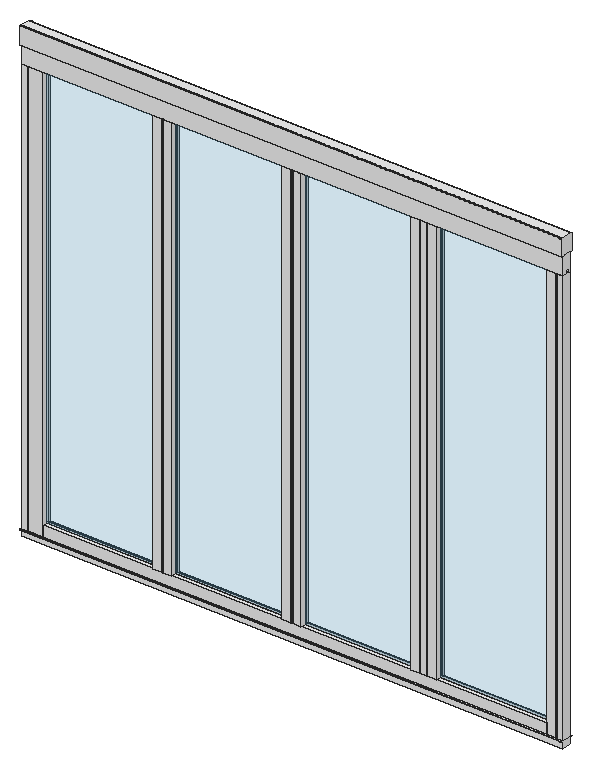
Revit family "98126", category Windows, host Wall, Revit 2018 (continued)
Definition of nested family "Right-Jamb_HSW-60"
  Definition of nested family "Profile_RightJamb_HSW60"
    Lines and regions (in)
      model lines, in view "Ref. Level", visible <- "Closed"
        curve 554: line (-3.93908, 0.99972, 0) -> (-3.93908, 1.02716, 0)
        curve 555: line (-3.93908, 1.02716, 0) -> (-3.89987, 1.02716, 0)
        curve 556: line (-3.89987, 1.02716, 0) -> (-3.89987, 1.10557, 0)
        curve 557: line (-3.89987, 1.10557, 0) -> (-4.25663, 1.10557, 0)
        curve 558: line (-4.25663, 1.10557, 0) -> (-4.25663, 1.02716, 0)
        curve 559: line (-4.33112, 0.98795, 0) -> (-4.22919, 0.98795, 0)
        curve 560: line (-3.88419, 0.98795, 0) -> (-3.92732, 0.98795, 0)
        curve 561: line (-3.92732, 0.98795, 0) -> (-3.88419, 0.98795, 0)
        curve 562: line (-2.08862, 0.87622, 0) -> (-2.06902, 0.87622, 0)
        curve 563: line (-2.06902, 0.87622, 0) -> (-2.06902, 0.83114, 0)
        curve 564: line (-2.06902, 0.83114, 0) -> (-2.01805, 0.83114, 0)
        curve 565: line (-2.01805, 0.83114, 0) -> (-2.01805, 0.88994, 0)
        curve 567: line (-1.99845, 0.88994, 0) -> (-2.01805, 0.88994, 0)
        curve 568: line (-2.01805, 0.88994, 0) -> (-2.01805, 0.83114, 0)
        curve 569: line (-2.01805, 0.83114, 0) -> (-2.06902, 0.83114, 0)
        curve 570: line (-2.06902, 0.83114, 0) -> (-2.06902, 0.87622, 0)
        curve 571: line (-2.06902, 0.87622, 0) -> (-2.08862, 0.87622, 0)
        curve 572: line (-2.10822, 0.83114, 0) -> (-2.10822, 0.85662, 0)
        curve 573: line (-2.10822, 0.85662, 0) -> (-2.10822, 0.83114, 0)
        curve 574: line (-2.10822, 0.83114, 0) -> (-2.17487, 0.83114, 0)
        curve 575: line (-2.17487, 0.83114, 0) -> (-2.17487, 1.10557, 0)
        curve 576: line (-2.17487, 1.10557, 0) -> (-2.10822, 1.10557, 0)
        curve 577: line (-2.10822, 1.10557, 0) -> (-2.17487, 1.10557, 0)
        curve 578: line (-2.17487, 1.10557, 0) -> (-2.17487, 0.83114, 0)
        curve 579: line (-2.17487, 0.83114, 0) -> (-2.10822, 0.83114, 0)
        curve 580: line (-2.01007, 0.79275, 0) -> (-2.10822, 0.77233, 0)
        curve 581: line (-2.10822, 0.77233, 0) -> (-2.37089, 0.77233, 0)
        curve 582: line (-2.37089, 0.77233, 0) -> (-2.10822, 0.77233, 0)
        curve 583: line (-2.10822, 0.77233, 0) -> (-2.01007, 0.79275, 0)
        curve 584: line (-3.46862, 0.98858, 0) -> (-3.53809, 0.86841, 0)
        curve 585: line (-3.53809, 0.86841, 0) -> (-3.46862, 0.98858, 0)
        curve 586: line (-3.46862, 0.98858, 0) -> (-3.46862, 1.09381, 0)
        curve 587: line (-3.46862, 1.09381, 0) -> (-3.84499, 1.09381, 0)
        curve 588: line (-3.84499, 1.09381, 0) -> (-3.84499, 1.02716, 0)
        curve 589: line (-3.84499, 1.02716, 0) -> (-3.84499, 1.09381, 0)
        curve 590: line (-3.84499, 1.09381, 0) -> (-3.46862, 1.09381, 0)
        curve 591: line (-3.46862, 1.09381, 0) -> (-3.46862, 0.98858, 0)
        curve 592: line (-2.48851, 0.65472, 0) -> (-2.48851, 0.34934, 0)
        curve 593: line (-2.48851, 0.34934, 0) -> (-2.48851, 0.65472, 0)
        curve 594: line (-2.55516, 0.65472, 0) -> (-2.55516, 0.54886, 0)
        curve 595: line (-2.55516, 0.54886, 0) -> (-3.48038, 0.54886, 0)
        curve 596: line (-3.48038, 0.54886, 0) -> (-3.48038, 0.83506, 0)
        curve 597: line (-3.48038, 0.83506, 0) -> (-3.40197, 0.9707, 0)
        curve 598: line (-3.40197, 0.9707, 0) -> (-3.40197, 1.09381, 0)
        curve 599: line (-3.40197, 1.09381, 0) -> (-2.24152, 1.09381, 0)
        curve 600: line (-2.24152, 1.09381, 0) -> (-2.24152, 0.83898, 0)
        curve 601: line (-2.24152, 0.83898, 0) -> (-2.31993, 0.83898, 0)
        curve 602: line (-2.31993, 0.83898, 0) -> (-2.31993, 0.85858, 0)
        curve 603: line (-2.31993, 0.85858, 0) -> (-2.39834, 0.85858, 0)
        curve 604: line (-2.39834, 0.85858, 0) -> (-2.39834, 0.83692, 0)
        curve 605: line (-2.39834, 0.83692, 0) -> (-2.39834, 0.85858, 0)
        curve 606: line (-2.39834, 0.85858, 0) -> (-2.31993, 0.85858, 0)
        curve 607: line (-2.31993, 0.85858, 0) -> (-2.31993, 0.83898, 0)
        curve 608: line (-2.31993, 0.83898, 0) -> (-2.24152, 0.83898, 0)
        curve 609: line (-2.24152, 0.83898, 0) -> (-2.24152, 1.09381, 0)
        curve 610: line (-2.24152, 1.09381, 0) -> (-3.40197, 1.09381, 0)
        curve 611: line (-3.40197, 1.09381, 0) -> (-3.40197, 0.9707, 0)
        curve 612: line (-3.40197, 0.9707, 0) -> (-3.48038, 0.83506, 0)
        curve 613: line (-3.48038, 0.83506, 0) -> (-3.48038, 0.54886, 0)
        curve 614: line (-3.48038, 0.54886, 0) -> (-2.55516, 0.54886, 0)
        curve 615: line (-2.55516, 0.54886, 0) -> (-2.55516, 0.65472, 0)
        curve 616: line (-2.78303, 0.37244, 0) -> (-2.83962, 0.47045, 0)
        curve 617: line (-2.83962, 0.47045, 0) -> (-3.19592, 0.47045, 0)
        curve 618: line (-3.19592, 0.47045, 0) -> (-3.25251, 0.37244, 0)
        curve 619: line (-3.25251, 0.37244, 0) -> (-3.19592, 0.47045, 0)
        curve 620: line (-3.19592, 0.47045, 0) -> (-2.83962, 0.47045, 0)
        curve 621: line (-2.83962, 0.47045, 0) -> (-2.78303, 0.37244, 0)
        curve 622: line (-2.72864, 0.46261, 0) -> (-2.72864, 0.44144, 0)
        curve 623: line (-2.72864, 0.44144, 0) -> (-2.68453, 0.36505, 0)
        curve 624: line (-2.68453, 0.36505, 0) -> (-2.68453, 0.35284, 0)
        curve 625: line (-2.68453, 0.35284, 0) -> (-2.74908, 0.35284, 0)
        curve 626: line (-2.74908, 0.35284, 0) -> (-2.68453, 0.35284, 0)
        curve 627: line (-3.54703, 0.34934, 0) -> (-3.54703, 0.83506, 0)
        curve 628: line (-3.54703, 0.83506, 0) -> (-3.54703, 0.34934, 0)
        curve 629: line (-3.46568, 0.47045, 0) -> (-3.31474, 0.47045, 0)
        curve 630: line (-3.31474, 0.47045, 0) -> (-3.46568, 0.47045, 0)
        curve 631: line (-3.46568, 0.47045, 0) -> (-3.31474, 0.47045, 0)
        curve 632: line (-3.43922, 0.33838, 0) -> (-3.53723, 0.28009, 0)
        curve 633: line (-3.53723, 0.28009, 0) -> (-3.43922, 0.33838, 0)
        curve 634: line (-3.45588, 0.24274, 0) -> (-3.37061, 0.29197, 0)
        curve 635: line (-3.37061, 0.29197, 0) -> (-3.45588, 0.24274, 0)
        curve 636: line (-3.35101, 0.35284, 0) -> (-3.28646, 0.35284, 0)
        curve 637: line (-3.28646, 0.35284, 0) -> (-3.35101, 0.35284, 0)
        curve 638: line (-3.35101, 0.35284, 0) -> (-3.35101, 0.36505, 0)
        curve 639: line (-3.35101, 0.36505, 0) -> (-3.3069, 0.44144, 0)
        curve 640: line (-3.3069, 0.44144, 0) -> (-3.3069, 0.46261, 0)
        curve 641: line (-3.3069, 0.46261, 0) -> (-3.3069, 0.44144, 0)
        curve 642: line (-3.3069, 0.44144, 0) -> (-3.35101, 0.36505, 0)
        curve 643: line (-3.35101, 0.36505, 0) -> (-3.35101, 0.32593, 0)
        curve 644: line (-3.42942, -0.3553, 0) -> (-3.52236, -0.3304, 0)
        curve 645: line (-3.52235, -0.3304, 0) -> (-3.42942, -0.35535, 0)
        curve 646: line (-3.42942, -0.35535, 0) -> (-3.42942, -0.36505, 0)
        curve 647: line (-3.42942, -0.36505, 0) -> (-3.47352, -0.44144, 0)
        curve 648: line (-3.47352, -0.44144, 0) -> (-3.47352, -0.46261, 0)
        curve 649: line (-3.47352, -0.46261, 0) -> (-3.47352, -0.44144, 0)
        curve 650: line (-3.47352, -0.44144, 0) -> (-3.42942, -0.36505, 0)
        curve 651: line (-3.42942, -0.36505, 0) -> (-3.42942, -0.35535, 0)
        curve 652: line (-3.42942, 0.3553, 0) -> (-3.42942, 0.36505, 0)
        curve 653: line (-3.42942, 0.36505, 0) -> (-3.42942, 0.3553, 0)
        curve 654: line (-3.42942, 0.3553, 0) -> (-3.52236, 0.3304, 0)
        curve 655: line (-3.52236, 0.3304, 0) -> (-3.42942, 0.3553, 0)
        curve 656: line (-3.42942, 0.3553, 0) -> (-3.42942, 0.36505, 0)
        curve 657: line (-3.42942, 0.36505, 0) -> (-3.47352, 0.44144, 0)
        curve 658: line (-3.47352, 0.44144, 0) -> (-3.47352, 0.46261, 0)
        curve 659: line (-3.47352, 0.46261, 0) -> (-3.47352, 0.44144, 0)
        curve 660: line (-3.47352, 0.44144, 0) -> (-3.42942, 0.36505, 0)
        curve 661: line (-3.42942, 0.36505, 0) -> (-3.47352, 0.44144, 0)
        curve 662: line (-3.47352, 0.44144, 0) -> (-3.47352, 0.46261, 0)
        curve 663: line (-3.3069, -0.46261, 0) -> (-3.3069, -0.44144, 0)
        curve 664: line (-3.3069, -0.44144, 0) -> (-3.3069, -0.46261, 0)
        curve 665: line (-3.3069, -0.46261, 0) -> (-3.3069, -0.44144, 0)
        curve 666: line (-3.3069, -0.44144, 0) -> (-3.35101, -0.36505, 0)
        curve 667: line (-3.35101, -0.36505, 0) -> (-3.35101, -0.35284, 0)
        curve 668: line (-3.35101, -0.35284, 0) -> (-3.28646, -0.35284, 0)
        curve 669: line (-3.28646, -0.35284, 0) -> (-3.35101, -0.35284, 0)
        curve 670: line (-3.3069, -0.44144, 0) -> (-3.35101, -0.36505, 0)
        curve 671: line (-3.35101, -0.36505, 0) -> (-3.35101, -0.32593, 0)
        curve 672: line (-3.35101, -0.32593, 0) -> (-3.35101, -0.36505, 0)
        curve 673: line (-3.35101, -0.36505, 0) -> (-3.3069, -0.44144, 0)
        curve 674: line (-3.47548, -0.20879, 0) -> (-3.47548, 0.20879, 0)
        curve 675: line (-3.47548, 0.20879, 0) -> (-3.47548, -0.20879, 0)
        curve 676: line (-3.54703, 0.26311, 0) -> (-3.54703, -0.26311, 0)
        curve 677: line (-3.54703, -0.26311, 0) -> (-3.54703, 0.26311, 0)
        curve 678: line (-3.37061, -0.29197, 0) -> (-3.45588, -0.24274, 0)
        curve 679: line (-3.45588, -0.24274, 0) -> (-3.37061, -0.29197, 0)
        curve 680: line (-3.53723, -0.28009, 0) -> (-3.43922, -0.33838, 0)
        curve 681: line (-3.43922, -0.33838, 0) -> (-3.53723, -0.28009, 0)
        curve 682: line (-3.31474, -0.47045, 0) -> (-3.46568, -0.47045, 0)
        curve 683: line (-3.46568, -0.47045, 0) -> (-3.31474, -0.47045, 0)
        curve 684: line (-3.31474, -0.47045, 0) -> (-3.46568, -0.47045, 0)
        curve 715: line (-4.22919, 0.98795, 0) -> (-4.33112, 0.98795, 0)
        curve 716: line (-4.33112, 0.98795, 0) -> (-4.33112, 1.16438, 0)
        curve 717: line (-4.33112, 1.16438, 0) -> (-1.97885, 1.16438, 0)
        curve 753: line (-2.60612, 0.35535, 0) -> (-2.60612, 0.36505, 0)
        curve 754: line (-2.60612, 0.36505, 0) -> (-2.56202, 0.44144, 0)
        curve 755: line (-2.56202, 0.44144, 0) -> (-2.56202, 0.46261, 0)
        curve 756: line (-2.68453, 0.32593, 0) -> (-2.68453, 0.36505, 0)
        curve 757: line (-2.68453, 0.36505, 0) -> (-2.72864, 0.44144, 0)
        curve 758: line (-2.72864, 0.44144, 0) -> (-2.72864, 0.46261, 0)
        curve 759: line (-2.72864, 0.46261, 0) -> (-2.72864, 0.44144, 0)
        curve 760: line (-2.72864, 0.44144, 0) -> (-2.68453, 0.36505, 0)
        curve 761: line (-2.68453, 0.36505, 0) -> (-2.68453, 0.32593, 0)
        curve 762: line (-3.3069, 0.46261, 0) -> (-3.3069, 0.44144, 0)
        curve 763: line (-3.3069, 0.44144, 0) -> (-3.35101, 0.36505, 0)
        curve 764: line (-3.35101, 0.36505, 0) -> (-3.35101, 0.32593, 0)
        curve 765: line (-3.47352, -0.46261, 0) -> (-3.47352, -0.44144, 0)
        curve 766: line (-3.47352, -0.44144, 0) -> (-3.42942, -0.36505, 0)
        curve 767: line (-3.42942, -0.36505, 0) -> (-3.42942, -0.35535, 0)
        curve 768: line (-3.54684, -0.31756, 0) -> (-3.74286, 1.09381, 0)
        curve 769: line (-3.74286, 1.09381, 0) -> (-3.74286, -0.31756, 0)
        curve 770: line (-3.74286, -0.31756, 0) -> (-3.54684, -0.31756, 0)
        curve 771: line (-3.54684, -0.31756, 0) -> (-3.54684, 1.09381, 0)
        curve 772: line (-3.54684, 1.09381, 0) -> (-3.74286, -0.31756, 0)
        curve 773: line (-3.74286, 1.09381, 0) -> (-3.54684, 1.09381, 0)
        curve 774: line (-3.96176, 1.08121, 0) -> (-3.90771, 1.02716, 0)
        curve 775: line (-3.90771, 1.02716, 0) -> (-3.93908, 1.02716, 0)
        curve 776: line (-3.93908, 1.02716, 0) -> (-3.93908, 0.98795, 0)
        curve 777: line (-3.93908, 0.98795, 0) -> (-3.90771, 0.98795, 0)
        curve 778: line (-3.90771, 0.98795, 0) -> (-3.90771, 0.98011, 0)
        curve 779: line (-3.99834, 1.06908, 0) -> (-3.99168, 1.07859, 0)
        curve 780: line (-4.10178, 1.03564, 0) -> (-4.06257, 1.03564, 0)
        curve 781: line (-3.93908, 0.95071, 0) -> (-4.15257, 0.95071, 0)
        curve 782: line (-1.97885, 1.08597, 0) -> (-1.97885, 1.16438, 0)
        curve 783: line (-1.97885, 1.16438, 0) -> (-4.33112, 1.16438, 0)
        curve 784: line (-4.33112, 1.16438, 0) -> (-4.33112, 0.98795, 0)
        curve 785: line (-4.33112, 0.98795, 0) -> (-4.21743, 0.98795, 0)
        curve 786: line (-4.21743, 0.98795, 0) -> (-4.21743, 1.02716, 0)
        curve 787: line (-4.21743, 1.02716, 0) -> (-4.25663, 1.02716, 0)
        curve 788: line (-4.17267, 1.07859, 0) -> (-4.166, 1.06908, 0)
        curve 789: line (-4.34324, 0.83114, 0) -> (-4.2191, 0.83114, 0)
        curve 790: line (-3.55851, -0.52582, 0) -> (-3.74305, -0.34128, 0)
        curve 791: line (-3.74305, -0.34128, 0) -> (-3.99544, -0.34128, 0)
        curve 792: line (-3.99544, -0.34128, 0) -> (-4.03352, -0.12921, 0)
        curve 793: line (-3.97044, -0.40008, 0) -> (-3.79486, -0.40008, 0)
        curve 794: line (-4.25628, -0.13738, 0) -> (-4.21967, -0.34108, 0)
        curve 795: line (-4.21967, -0.34108, 0) -> (-4.3117, -0.34108, 0)
        curve 796: line (-4.3117, -0.34108, 0) -> (-4.38325, -0.12599, 0)
        curve 797: line (-4.42913, -0.1333, 0) -> (-4.42913, -0.1921, 0)
        curve 798: line (-4.42913, -0.1921, 0) -> (-4.38993, -0.46395, 0)
        curve 799: line (-4.38993, -0.46395, 0) -> (-4.33112, -0.4979, 0)
        curve 800: line (-4.33112, -0.4979, 0) -> (-4.33112, -0.41949, 0)
        curve 801: line (-4.33112, -0.41949, 0) -> (-4.24487, -0.41949, 0)
        curve 802: line (-4.08021, -0.1333, 0) -> (-4.08021, -0.34108, 0)
        curve 803: line (-4.08021, -0.34108, 0) -> (-4.13102, -0.34108, 0)
        curve 804: line (-4.13102, -0.34108, 0) -> (-4.21101, -0.12525, 0)
        curve 805: line (-3.74801, -0.41949, 0) -> (-3.58049, -0.587, 0)
        curve 806: line (-3.54703, -0.57314, 0) -> (-3.54703, -0.55354, 0)
        curve 1080: line (-4.26447, -0.64688, 0) -> (-4.26447, -1.05852, 0)
        curve 1081: line (-3.943, -0.41949, 0) -> (-3.86067, -0.41949, 0)
        curve 1082: line (-3.86067, -0.41949, 0) -> (-3.86067, -0.56847, 0)
        curve 1083: line (-3.95476, -0.43125, 0) -> (-3.95476, -0.45869, 0)
        curve 1084: line (-3.95476, -0.45869, 0) -> (-3.91555, -0.45869, 0)
        curve 1085: line (-3.91555, -0.45869, 0) -> (-3.91555, -0.54886, 0)
        curve 1086: line (-3.91555, -0.54886, 0) -> (-4.27232, -0.54886, 0)
        curve 1087: line (-4.27232, -0.54886, 0) -> (-4.27232, -0.45869, 0)
        curve 1088: line (-4.27232, -0.45869, 0) -> (-4.23311, -0.45869, 0)
        curve 1089: line (-4.23311, -0.45869, 0) -> (-4.21351, -0.45869, 0)
        curve 1090: line (-4.21351, -0.45869, 0) -> (-4.02518, -0.39728, 0)
        curve 1091: line (-3.89987, -0.60767, 0) -> (-4.22527, -0.60767, 0)
        curve 1092: line (-3.34317, -1.04284, 0) -> (-3.45294, -1.04284, 0)
        curve 1093: line (-3.45294, -1.04284, 0) -> (-3.49634, -1.08624, 0)
        curve 1094: line (-4.22527, -1.09773, 0) -> (-3.62544, -1.09773, 0)
        curve 1095: line (-3.62544, -1.09773, 0) -> (-3.57055, -1.04284, 0)
        curve 1096: line (-3.57055, -1.04284, 0) -> (-3.53056, -1.04284, 0)
        curve 1097: line (-3.53056, -1.04284, 0) -> (-3.47568, -0.98795, 0)
        curve 1098: line (-3.47568, -0.98795, 0) -> (-3.36669, -0.98795, 0)
        curve 1099: line (-3.26476, -0.92719, 0) -> (-3.26476, -0.96443, 0)
        curve 1100: line (-3.32749, -0.94875, 0) -> (-3.32749, -0.92719, 0)
        curve 1101: line (-3.52407, -1.09773, 0) -> (-3.54703, -1.09773, 0)
        curve 1102: line (-4.40561, -0.10977, 0) -> (-3.74286, -0.10977, 0)
        curve 1103: line (-3.74286, -0.10977, 0) -> (-3.74286, 0.83114, 0)
        curve 1104: line (-3.74286, 0.83114, 0) -> (-4.34324, 0.83114, 0)
      model lines, in view "Ref. Level"
        curve 2: arc (-1.4888, -2.08401, 0) -> (-1.47973, -2.19531, 0) -> (-1.46538, -2.30605, 0) r 2.35227
        curve 3: arc (-1.46538, -2.30605, 0) -> (-1.41024, -2.41486, 0) -> (-1.30143, -2.46999, 0) r 0.19602
        curve 4: arc (-1.30143, -2.46999, 0) -> (-0.94385, -2.49733, 0) -> (-0.58627, -2.46999, 0) r 2.35227
        curve 5: arc (-0.58627, -2.46999, 0) -> (-0.47746, -2.41486, 0) -> (-0.42232, -2.30605, 0) r 0.19602
        curve 6: arc (-0.42232, -2.30605, 0) -> (-0.39499, -1.94847, 0) -> (-0.42232, -1.59089, 0) r 2.35227
        curve 7: arc (-0.42232, -1.59089, 0) -> (-0.47746, -1.48208, 0) -> (-0.58627, -1.42694, 0) r 0.19602
        curve 8: arc (-0.58627, -1.42694, 0) -> (-0.76454, -1.40645, 0) -> (-0.94385, -1.3996, 0) r 2.35227
        curve 12: arc (-0.43007, -2.30485, 0) -> (-0.40283, -1.94847, 0) -> (-0.43007, -1.59208, 0) r 2.34443
        curve 13: arc (-0.58746, -2.46224, 0) -> (-0.483, -2.40931, 0) -> (-0.43007, -2.30485, 0) r 0.18818
        curve 14: arc (-1.30024, -2.46224, 0) -> (-0.94385, -2.48949, 0) -> (-0.58746, -2.46224, 0) r 2.34443
        curve 15: arc (-1.45763, -2.30485, 0) -> (-1.4047, -2.40931, 0) -> (-1.30024, -2.46224, 0) r 0.18818
        curve 16: arc (-1.45763, -1.59208, 0) -> (-1.48487, -1.94847, 0) -> (-1.45763, -2.30485, 0) r 2.34443
        curve 17: arc (-1.30024, -1.43469, 0) -> (-1.4047, -1.48762, 0) -> (-1.45763, -1.59208, 0) r 0.18818
        curve 18: arc (-0.58746, -1.43469, 0) -> (-0.94385, -1.40744, 0) -> (-1.30024, -1.43469, 0) r 2.34443
        curve 19: arc (-0.43007, -1.59208, 0) -> (-0.483, -1.48762, 0) -> (-0.58746, -1.43469, 0) r 0.18818
        curve 20: arc (-1.23815, -1.3996, 0) -> (-1.22342, -1.37535, 0) -> (-1.21828, -1.34743, 0) r 0.07841
        curve 21: arc (-0.39499, -1.74852, 0) -> (-0.36726, -1.73704, 0) -> (-0.35578, -1.70932, 0) r 0.0392
        curve 24: line (-1.4888, -2.08401, 0) -> (-1.48324, -2.03592, 0)
        curve 25: line (-1.48324, -2.03592, 0) -> (-1.4888, -2.08401, 0)
        curve 26: line (-0.94385, -1.3996, 0) -> (-1.29862, -1.3996, 0)
        curve 32: line (-1.21828, -1.34743, 0) -> (-1.21828, -1.16438, 0)
        curve 33: line (-1.21828, -1.16438, 0) -> (-0.35578, -1.16438, 0)
        curve 34: line (-0.35578, -1.16438, 0) -> (-0.35578, -1.70932, 0)
        curve 35: line (-0.39499, -1.74852, 0) -> (-0.4035, -1.74852, 0)
        curve 36: line (-0.3803, -1.94847, 0) -> (-0.39499, -1.94847, 0)
        curve 37: line (-0.74783, -0.96835, 0) -> (-0.74783, -1.40778, 0)
        curve 45: line (-0.94385, -1.59536, 0) -> (-0.94385, -2.30157, 0)
        curve 46: line (-1.29696, -1.94847, 0) -> (-0.59074, -1.94847, 0)
        curve 47: line (-0.45967, -1.16438, 0) -> (-1.02814, -1.16438, 0)
        curve 64: arc (-1.99845, -0.88994, 0) -> (-1.98459, -0.8842, 0) -> (-1.97885, -0.87034, 0) r 0.0196
        curve 86: arc (-1.99845, 1.06636, 0) -> (-1.98459, 1.07211, 0) -> (-1.97885, 1.08597, 0) r 0.0196
        curve 105: arc (-1.53192, -1.06636, 0) -> (-1.53357, -1.06316, 0) -> (-1.53714, -1.06267, 0) r 0.00392
        curve 106: arc (-1.44419, -1.01648, 0) -> (-1.42999, -0.97815, 0) -> (-1.44419, -0.93983, 0) r 0.05881
        curve 107: arc (-1.53714, -0.89364, 0) -> (-1.53357, -0.89314, 0) -> (-1.53192, -0.88994, 0) r 0.00392
        curve 108: arc (-1.66465, -0.72977, 0) -> (-1.6946, -0.70523, 0) -> (-1.72879, -0.68705, 0) r 0.19602
        curve 109: arc (-1.92262, -0.68765, 0) -> (-1.92066, -0.68376, 0) -> (-1.92351, -0.68046, 0) r 0.00392
        curve 110: arc (-1.95366, -0.71607, 0) -> (-1.96343, -0.73048, 0) -> (-1.95786, -0.74699, 0) r 0.0196
        curve 111: arc (-1.91018, -0.8233, 0) -> (-1.90656, -0.82088, 0) -> (-1.90741, -0.8166, 0) r 0.00392
        curve 112: arc (-1.53783, -0.939, 0) -> (-1.57504, -0.97815, 0) -> (-1.53783, -1.01731, 0) r 0.0392
        curve 113: arc (-1.47392, -0.99093, 0) -> (-1.46919, -0.97815, 0) -> (-1.47392, -0.96538, 0) r 0.0196
        curve 114: arc (-1.88428, -0.81755, 0) -> (-1.87792, -0.8218, 0) -> (-1.87042, -0.8233, 0) r 0.0196
        curve 115: arc (-1.94593, -0.72971, 0) -> (-1.94789, -0.7326, 0) -> (-1.94678, -0.7359, 0) r 0.00392
        curve 116: arc (-1.88519, -0.69108, 0) -> (-1.89282, -0.69052, 0) -> (-1.90008, -0.69291, 0) r 0.0196
        curve 117: arc (-1.69791, -0.76304, 0) -> (-1.72822, -0.73968, 0) -> (-1.76347, -0.72481, 0) r 0.14898
        curve 118: arc (-1.68498, -0.8233, 0) -> (-1.66687, -0.81119, 0) -> (-1.67112, -0.78983, 0) r 0.0196
        curve 119: arc (-1.92788, -1.09662, 0) -> (-1.97202, -1.04143, 0) -> (-2.03497, -1.0093, 0) r 0.16785
        curve 120: arc (-2.05373, -0.96273, 0) -> (-2.056, -0.99071, 0) -> (-2.03497, -1.0093, 0) r 0.03136
        curve 121: arc (-1.97913, -0.90883, 0) -> (-1.94895, -0.88841, 0) -> (-1.92788, -0.85868, 0) r 0.10199
        curve 122: arc (-2.01805, -0.88994, 0) -> (-2.04491, -0.91195, 0) -> (-2.06814, -0.93777, 0) r 0.22896
        curve 123: arc (-1.97913, -0.90883, 0) -> (-2.02189, -0.92822, 0) -> (-2.05373, -0.96273, 0) r 0.11816
        curve 124: arc (-1.98092, -1.07721, 0) -> (-2.00803, -1.0482, 0) -> (-2.04255, -1.0286, 0) r 0.13171
        curve 125: arc (-2.06814, -0.93777, 0) -> (-2.07816, -0.98961, 0) -> (-2.04255, -1.0286, 0) r 0.05881
        curve 126: arc (-1.92788, -1.09662, 0) -> (-1.92381, -0.97765, 0) -> (-1.92788, -0.85868, 0) r 1.73734
        curve 127: arc (-2.01834, -0.89014, 0) -> (-1.9713, -0.87521, 0) -> (-1.95705, -0.82796, 0) r 0.05291
        curve 128: arc (-1.9532, -0.8233, 0) -> (-1.95622, -0.82472, 0) -> (-1.95705, -0.82796, 0) r 0.00392
        curve 129: arc (-1.97885, -1.08597, 0) -> (-1.97937, -1.08147, 0) -> (-1.98092, -1.07721, 0) r 0.0196
        curve 130: arc (-2.06131, -0.55051, 0) -> (-2.0904, -0.56161, 0) -> (-2.08114, -0.59133, 0) r 0.02274
        curve 131: arc (-1.53714, 1.06267, 0) -> (-1.53357, 1.06316, 0) -> (-1.53192, 1.06636, 0) r 0.00392
        curve 132: arc (-1.44419, 0.93983, 0) -> (-1.42999, 0.97815, 0) -> (-1.44419, 1.01648, 0) r 0.05881
        curve 133: arc (-1.53192, 0.88994, 0) -> (-1.53357, 0.89314, 0) -> (-1.53714, 0.89364, 0) r 0.00392
        curve 134: arc (-1.72879, 0.68705, 0) -> (-1.6946, 0.70523, 0) -> (-1.66465, 0.72977, 0) r 0.19602
        curve 135: arc (-1.92351, 0.68046, 0) -> (-1.92066, 0.68376, 0) -> (-1.92262, 0.68765, 0) r 0.00392
        curve 136: arc (-1.95786, 0.74699, 0) -> (-1.96343, 0.73048, 0) -> (-1.95366, 0.71607, 0) r 0.0196
        curve 137: arc (-1.90741, 0.8166, 0) -> (-1.90656, 0.82088, 0) -> (-1.91018, 0.8233, 0) r 0.00392
        curve 138: arc (-1.53783, 1.01731, 0) -> (-1.57504, 0.97815, 0) -> (-1.53783, 0.939, 0) r 0.0392
        curve 139: arc (-1.47392, 0.96538, 0) -> (-1.46919, 0.97815, 0) -> (-1.47392, 0.99093, 0) r 0.0196
        curve 140: arc (-1.87042, 0.8233, 0) -> (-1.87792, 0.8218, 0) -> (-1.88428, 0.81755, 0) r 0.0196
        curve 141: arc (-1.94678, 0.7359, 0) -> (-1.94789, 0.7326, 0) -> (-1.94593, 0.72971, 0) r 0.00392
        curve 142: arc (-1.90008, 0.69291, 0) -> (-1.89282, 0.69052, 0) -> (-1.88519, 0.69108, 0) r 0.0196
        curve 143: arc (-1.76347, 0.72481, 0) -> (-1.72822, 0.73968, 0) -> (-1.69791, 0.76304, 0) r 0.14898
        curve 144: arc (-1.67112, 0.78983, 0) -> (-1.66687, 0.81119, 0) -> (-1.68498, 0.8233, 0) r 0.0196
        curve 145: arc (-2.03497, 1.0093, 0) -> (-1.97202, 1.04143, 0) -> (-1.92788, 1.09662, 0) r 0.16785
        curve 146: arc (-2.03497, 1.0093, 0) -> (-2.056, 0.99071, 0) -> (-2.05373, 0.96273, 0) r 0.03136
        curve 147: arc (-1.92788, 0.85868, 0) -> (-1.94895, 0.88841, 0) -> (-1.97913, 0.90883, 0) r 0.10199
        curve 148: arc (-2.06814, 0.93777, 0) -> (-2.04491, 0.91195, 0) -> (-2.01805, 0.88994, 0) r 0.22896
        curve 149: arc (-2.05373, 0.96273, 0) -> (-2.02189, 0.92822, 0) -> (-1.97913, 0.90883, 0) r 0.11816
        curve 150: arc (-2.04255, 1.0286, 0) -> (-2.00803, 1.0482, 0) -> (-1.98092, 1.07721, 0) r 0.13171
        curve 151: arc (-2.04255, 1.0286, 0) -> (-2.07816, 0.98961, 0) -> (-2.06814, 0.93777, 0) r 0.05881
        curve 152: arc (-1.92788, 0.85868, 0) -> (-1.92381, 0.97765, 0) -> (-1.92788, 1.09662, 0) r 1.73734
        curve 153: arc (-1.95705, 0.82796, 0) -> (-1.9713, 0.87521, 0) -> (-2.01834, 0.89014, 0) r 0.05291
        curve 154: arc (-1.95705, 0.82796, 0) -> (-1.95622, 0.82472, 0) -> (-1.9532, 0.8233, 0) r 0.00392
        curve 155: arc (-1.98092, 1.07721, 0) -> (-1.97937, 1.08147, 0) -> (-1.97885, 1.08597, 0) r 0.0196
        curve 156: arc (-2.08114, 0.59133, 0) -> (-2.0904, 0.56161, 0) -> (-2.06131, 0.55051, 0) r 0.02274
        curve 199: arc (0, 0.26311, 0) -> (-0.00263, 0.27292, 0) -> (-0.0098, 0.28009, 0) r 0.0196
        curve 200: arc (-0.07645, 0.46261, 0) -> (-0.07875, 0.46816, 0) -> (-0.08429, 0.47045, 0) r 0.00784
        curve 201: arc (-0.23523, 0.47045, 0) -> (-0.24077, 0.46816, 0) -> (-0.24307, 0.46261, 0) r 0.00784
        curve 202: arc (-0.19896, 0.32593, 0) -> (-0.19371, 0.30632, 0) -> (-0.17936, 0.29197, 0) r 0.0392
        curve 203: arc (-0.17936, -0.29197, 0) -> (-0.19371, -0.30632, 0) -> (-0.19896, -0.32593, 0) r 0.0392
        curve 204: arc (-0.24307, -0.46261, 0) -> (-0.24077, -0.46816, 0) -> (-0.23523, -0.47045, 0) r 0.00784
        curve 205: arc (-0.08429, -0.47045, 0) -> (-0.07875, -0.46816, 0) -> (-0.07645, -0.46261, 0) r 0.00784
        curve 206: arc (-0.0098, -0.28009, 0) -> (-0.00263, -0.27292, 0) -> (0, -0.26311, 0) r 0.0196
        curve 207: arc (-0.09409, -0.24274, 0) -> (-0.07974, -0.22839, 0) -> (-0.07449, -0.20879, 0) r 0.0392
        curve 208: arc (-0.07449, 0.20879, 0) -> (-0.07974, 0.22839, 0) -> (-0.09409, 0.24274, 0) r 0.0392
        curve 209: arc (-0.12055, 0.35535, 0) -> (-0.11793, 0.34555, 0) -> (-0.11075, 0.33838, 0) r 0.0196
        curve 210: arc (-0.11075, -0.33838, 0) -> (-0.11793, -0.34555, 0) -> (-0.12055, -0.35535, 0) r 0.0196
        curve 211: arc (-2.15233, 0.28009, 0) -> (-2.1595, 0.27292, 0) -> (-2.16213, 0.26311, 0) r 0.0196
        curve 212: arc (-2.07784, 0.47045, 0) -> (-2.08339, 0.46816, 0) -> (-2.08568, 0.46261, 0) r 0.00784
        curve 213: arc (-1.91906, 0.46261, 0) -> (-1.92136, 0.46816, 0) -> (-1.9269, 0.47045, 0) r 0.00784
        curve 214: arc (-1.98277, 0.29197, 0) -> (-1.96842, 0.30632, 0) -> (-1.96317, 0.32593, 0) r 0.0392
        curve 215: arc (-1.96317, -0.32593, 0) -> (-1.96842, -0.30632, 0) -> (-1.98277, -0.29197, 0) r 0.0392
        curve 216: arc (-1.9269, -0.47045, 0) -> (-1.92136, -0.46816, 0) -> (-1.91906, -0.46261, 0) r 0.00784
        curve 217: arc (-2.08568, -0.46261, 0) -> (-2.08339, -0.46816, 0) -> (-2.07784, -0.47045, 0) r 0.00784
        curve 218: arc (-2.16213, -0.26311, 0) -> (-2.1595, -0.27292, 0) -> (-2.15233, -0.28009, 0) r 0.0196
        curve 219: arc (-2.16213, -0.26311, 0) -> (-2.1595, -0.27292, 0) -> (-2.15233, -0.28009, 0) r 0.0196
        curve 220: arc (-1.9269, -0.47045, 0) -> (-1.92136, -0.46816, 0) -> (-1.91906, -0.46261, 0) r 0.00784
        curve 221: arc (-1.96317, -0.32593, 0) -> (-1.96842, -0.30632, 0) -> (-1.98277, -0.29197, 0) r 0.0392
        curve 222: arc (-2.08764, -0.20879, 0) -> (-2.08239, -0.22839, 0) -> (-2.06804, -0.24274, 0) r 0.0392
        curve 223: arc (-2.08764, -0.20879, 0) -> (-2.08239, -0.22839, 0) -> (-2.06804, -0.24274, 0) r 0.0392
        curve 224: arc (-2.06804, 0.24274, 0) -> (-2.08239, 0.22839, 0) -> (-2.08764, 0.20879, 0) r 0.0392
        curve 225: arc (-2.05138, 0.33838, 0) -> (-2.0442, 0.34555, 0) -> (-2.04158, 0.35535, 0) r 0.0196
        curve 226: arc (-2.04158, -0.35535, 0) -> (-2.0442, -0.34555, 0) -> (-2.05138, -0.33838, 0) r 0.0196
        curve 227: arc (-0.02254, 1.09773, 0) -> (-0.00868, 1.10347, 0) -> (-0.00294, 1.11733, 0) r 0.0196
        curve 228: arc (-0.02254, 1.09773, 0) -> (-0.00868, 1.10347, 0) -> (-0.00294, 1.11733, 0) r 0.0196
        curve 229: arc (-2.10611, 0.73943, 0) -> (-2.14425, 0.71623, 0) -> (-2.15919, 0.67417, 0) r 0.06665
        curve 230: arc (-2.10611, 0.73943, 0) -> (-2.14425, 0.71623, 0) -> (-2.15919, 0.67417, 0) r 0.06665
        curve 231: arc (-2.15919, 0.34934, 0) -> (-2.15152, 0.33378, 0) -> (-2.13451, 0.3304, 0) r 0.0196
        curve 232: arc (-2.15919, 0.34934, 0) -> (-2.15152, 0.33378, 0) -> (-2.13451, 0.3304, 0) r 0.0196
        curve 233: arc (-1.98346, 0.71288, 0) -> (-1.9637, 0.74302, 0) -> (-1.99384, 0.76278, 0) r 0.02548
        curve 234: arc (-1.98346, 0.71288, 0) -> (-1.9637, 0.74302, 0) -> (-1.99384, 0.76278, 0) r 0.02548
        curve 235: arc (-0.12447, 1.09773, 0) -> (-0.22491, 1.07004, 0) -> (-0.29697, 0.99481, 0) r 0.19602
        curve 236: arc (-0.12447, 1.09773, 0) -> (-0.22491, 1.07004, 0) -> (-0.29697, 0.99481, 0) r 0.19602
        curve 237: arc (-0.29697, 0.93307, 0) -> (-0.28549, 0.90535, 0) -> (-0.25777, 0.89386, 0) r 0.0392
        curve 238: arc (-0.29697, 0.93307, 0) -> (-0.28549, 0.90535, 0) -> (-0.25777, 0.89386, 0) r 0.0392
        curve 239: arc (-0.18491, 0.94382, 0) -> (-0.20258, 0.94113, 0) -> (-0.21072, 0.92523, 0) r 0.0196
        curve 240: arc (-0.18491, 0.94382, 0) -> (-0.20258, 0.94113, 0) -> (-0.21072, 0.92523, 0) r 0.0196
        curve 241: arc (-0.02762, 0.3304, 0) -> (-0.01061, 0.33378, 0) -> (-0.00294, 0.34934, 0) r 0.0196
        curve 242: arc (-0.00294, 0.83506, 0) -> (-0.01551, 0.87401, 0) -> (-0.04848, 0.89827, 0) r 0.06665
        curve 243: arc (-0.00294, 0.83506, 0) -> (-0.01551, 0.87401, 0) -> (-0.04848, 0.89827, 0) r 0.06665
        curve 244: arc (-0.07645, 0.46261, 0) -> (-0.07875, 0.46816, 0) -> (-0.08429, 0.47045, 0) r 0.00784
        curve 245: arc (-0.23523, 0.47045, 0) -> (-0.24077, 0.46816, 0) -> (-0.24307, 0.46261, 0) r 0.00784
        curve 246: arc (-0.29746, 0.37244, 0) -> (-0.28311, 0.35809, 0) -> (-0.26351, 0.35284, 0) r 0.0392
        curve 247: arc (-0.95944, 0.47045, 0) -> (-1.06146, 0.4881, 0) -> (-1.16349, 0.47045, 0) r 0.30384
        curve 248: arc (-1.89862, 0.35284, 0) -> (-1.87902, 0.35809, 0) -> (-1.86467, 0.37244, 0) r 0.0392
        curve 249: arc (-1.91906, 0.46261, 0) -> (-1.92136, 0.46816, 0) -> (-1.9269, 0.47045, 0) r 0.00784
        curve 250: arc (-2.07784, 0.47045, 0) -> (-2.08339, 0.46816, 0) -> (-2.08568, 0.46261, 0) r 0.00784
        curve 251: arc (-1.86467, -0.37244, 0) -> (-1.87902, -0.35809, 0) -> (-1.89862, -0.35284, 0) r 0.0392
        curve 252: arc (-1.86467, -0.37244, 0) -> (-1.87902, -0.35809, 0) -> (-1.89862, -0.35284, 0) r 0.0392
        curve 253: arc (-1.9269, -0.47045, 0) -> (-1.92136, -0.46816, 0) -> (-1.91906, -0.46261, 0) r 0.00784
        curve 254: arc (-2.08568, -0.46261, 0) -> (-2.08339, -0.46816, 0) -> (-2.07784, -0.47045, 0) r 0.00784
        curve 255: arc (-1.9269, -0.47045, 0) -> (-1.92136, -0.46816, 0) -> (-1.91906, -0.46261, 0) r 0.00784
        curve 256: arc (-1.16349, -0.47045, 0) -> (-1.06146, -0.4881, 0) -> (-0.95944, -0.47045, 0) r 0.30384
        curve 257: arc (-1.16349, -0.47045, 0) -> (-1.06146, -0.4881, 0) -> (-0.95944, -0.47045, 0) r 0.30384
        curve 258: arc (-0.26351, -0.35284, 0) -> (-0.28311, -0.35809, 0) -> (-0.29746, -0.37244, 0) r 0.0392
        curve 259: arc (-0.24307, -0.46261, 0) -> (-0.24077, -0.46816, 0) -> (-0.23523, -0.47045, 0) r 0.00784
        curve 260: arc (-0.08429, -0.47045, 0) -> (-0.07875, -0.46816, 0) -> (-0.07645, -0.46261, 0) r 0.00784
        curve 261: arc (-2.13451, -0.3304, 0) -> (-2.15152, -0.33378, 0) -> (-2.15919, -0.34934, 0) r 0.0196
        curve 262: arc (-2.15919, -0.67417, 0) -> (-2.14425, -0.71623, 0) -> (-2.10611, -0.73943, 0) r 0.06665
        curve 263: arc (-1.99384, -0.76278, 0) -> (-1.9637, -0.74302, 0) -> (-1.98346, -0.71288, 0) r 0.02548
        curve 264: arc (-1.57112, -0.87034, 0) -> (-1.56538, -0.8842, 0) -> (-1.55152, -0.88994, 0) r 0.0196
        curve 265: arc (-1.55152, -1.06636, 0) -> (-1.56538, -1.07211, 0) -> (-1.57112, -1.08597, 0) r 0.0196
        curve 266: arc (-0.00294, -1.11733, 0) -> (-0.00868, -1.10347, 0) -> (-0.02254, -1.09773, 0) r 0.0196
        curve 267: arc (-0.29697, -0.99481, 0) -> (-0.22491, -1.07004, 0) -> (-0.12447, -1.09773, 0) r 0.19602
        curve 268: arc (-0.25777, -0.89386, 0) -> (-0.28549, -0.90535, 0) -> (-0.29697, -0.93307, 0) r 0.0392
        curve 269: arc (-0.21072, -0.92523, 0) -> (-0.20258, -0.94113, 0) -> (-0.18491, -0.94382, 0) r 0.0196
        curve 270: arc (-0.04848, -0.89827, 0) -> (-0.01551, -0.87401, 0) -> (-0.00294, -0.83506, 0) r 0.06665
        curve 271: arc (-0.00294, -0.34934, 0) -> (-0.01061, -0.33378, 0) -> (-0.02762, -0.3304, 0) r 0.0196
        curve 272: arc (-1.30845, -0.85466, 0) -> (-1.32797, -0.80753, 0) -> (-1.3751, -0.78801, 0) r 0.06665
        curve 273: arc (-1.30845, -0.85466, 0) -> (-1.32797, -0.80753, 0) -> (-1.3751, -0.78801, 0) r 0.06665
        curve 274: arc (-1.17625, -0.54886, 0) -> (-1.06146, -0.56651, 0) -> (-0.94668, -0.54886, 0) r 0.38224
        curve 275: arc (-1.17625, -0.54886, 0) -> (-1.06146, -0.56651, 0) -> (-0.94668, -0.54886, 0) r 0.38224
        curve 276: arc (-0.25777, -0.83506, 0) -> (-0.33262, -0.86606, 0) -> (-0.36362, -0.94091, 0) r 0.10585
        curve 327: arc (-1.17625, -0.54886, 0) -> (-1.06146, -0.56651, 0) -> (-0.94668, -0.54886, 0) r 0.38224
        curve 328: arc (-0.25777, -0.83506, 0) -> (-0.33262, -0.86606, 0) -> (-0.36362, -0.94091, 0) r 0.10585
        curve 329: arc (-1.86467, -0.37244, 0) -> (-1.87902, -0.35809, 0) -> (-1.89862, -0.35284, 0) r 0.0392
        curve 330: arc (-2.13451, -0.3304, 0) -> (-2.15152, -0.33378, 0) -> (-2.15919, -0.34934, 0) r 0.0196
        curve 331: arc (-1.99384, -0.76278, 0) -> (-1.9637, -0.74302, 0) -> (-1.98346, -0.71288, 0) r 0.02548
        curve 332: arc (-0.29697, -0.99481, 0) -> (-0.22491, -1.07004, 0) -> (-0.12447, -1.09773, 0) r 0.19602
        curve 333: arc (-0.25777, -0.89386, 0) -> (-0.28549, -0.90535, 0) -> (-0.29697, -0.93307, 0) r 0.0392
        curve 334: arc (-0.21072, -0.92523, 0) -> (-0.20258, -0.94113, 0) -> (-0.18491, -0.94382, 0) r 0.0196
        curve 335: arc (-0.04848, -0.89827, 0) -> (-0.01551, -0.87401, 0) -> (-0.00294, -0.83506, 0) r 0.06665
        curve 336: arc (-0.00294, -0.34934, 0) -> (-0.01061, -0.33378, 0) -> (-0.02762, -0.3304, 0) r 0.0196
        curve 337: arc (-0.26351, -0.35284, 0) -> (-0.28311, -0.35809, 0) -> (-0.29746, -0.37244, 0) r 0.0392
        curve 338: arc (-1.16349, -0.47045, 0) -> (-1.06146, -0.4881, 0) -> (-0.95944, -0.47045, 0) r 0.30384
        curve 339: arc (-1.17625, -0.54886, 0) -> (-1.06146, -0.56651, 0) -> (-0.94668, -0.54886, 0) r 0.38224
        curve 340: arc (-1.86467, -0.37244, 0) -> (-1.87902, -0.35809, 0) -> (-1.89862, -0.35284, 0) r 0.0392
        curve 341: arc (-1.16349, -0.47045, 0) -> (-1.06146, -0.4881, 0) -> (-0.95944, -0.47045, 0) r 0.30384
        curve 342: arc (-2.15919, -0.67417, 0) -> (-2.14425, -0.71623, 0) -> (-2.10611, -0.73943, 0) r 0.06665
        curve 343: arc (-1.30845, -0.85466, 0) -> (-1.32797, -0.80753, 0) -> (-1.3751, -0.78801, 0) r 0.06665
        curve 344: arc (-1.30845, -0.85466, 0) -> (-1.32797, -0.80753, 0) -> (-1.3751, -0.78801, 0) r 0.06665
        curve 345: arc (-1.55152, -1.06636, 0) -> (-1.56538, -1.07211, 0) -> (-1.57112, -1.08597, 0) r 0.0196
        curve 346: arc (-1.57112, -0.87034, 0) -> (-1.56538, -0.8842, 0) -> (-1.55152, -0.88994, 0) r 0.0196
        curve 347: arc (-0.00294, -1.11733, 0) -> (-0.00868, -1.10347, 0) -> (-0.02254, -1.09773, 0) r 0.0196
        curve 348: arc (0, 0.26311, 0) -> (-0.00263, 0.27292, 0) -> (-0.0098, 0.28009, 0) r 0.0196
        curve 349: arc (-0.07645, 0.46261, 0) -> (-0.07875, 0.46816, 0) -> (-0.08429, 0.47045, 0) r 0.00784
        curve 350: arc (-0.23523, 0.47045, 0) -> (-0.24077, 0.46816, 0) -> (-0.24307, 0.46261, 0) r 0.00784
        curve 351: arc (-0.19896, 0.32593, 0) -> (-0.19371, 0.30632, 0) -> (-0.17936, 0.29197, 0) r 0.0392
        curve 352: arc (-0.17936, -0.29197, 0) -> (-0.19371, -0.30632, 0) -> (-0.19896, -0.32593, 0) r 0.0392
        curve 353: arc (-0.24307, -0.46261, 0) -> (-0.24077, -0.46816, 0) -> (-0.23523, -0.47045, 0) r 0.00784
        curve 354: arc (-0.08429, -0.47045, 0) -> (-0.07875, -0.46816, 0) -> (-0.07645, -0.46261, 0) r 0.00784
        curve 355: arc (-0.0098, -0.28009, 0) -> (-0.00263, -0.27292, 0) -> (0, -0.26311, 0) r 0.0196
        curve 356: arc (-0.09409, -0.24274, 0) -> (-0.07974, -0.22839, 0) -> (-0.07449, -0.20879, 0) r 0.0392
        curve 357: arc (-0.07449, 0.20879, 0) -> (-0.07974, 0.22839, 0) -> (-0.09409, 0.24274, 0) r 0.0392
        curve 358: arc (-0.12055, 0.35535, 0) -> (-0.11793, 0.34555, 0) -> (-0.11075, 0.33838, 0) r 0.0196
        curve 359: arc (-0.11075, -0.33838, 0) -> (-0.11793, -0.34555, 0) -> (-0.12055, -0.35535, 0) r 0.0196
        curve 360: arc (-2.15233, 0.28009, 0) -> (-2.1595, 0.27292, 0) -> (-2.16213, 0.26311, 0) r 0.0196
        curve 361: arc (-2.07784, 0.47045, 0) -> (-2.08339, 0.46816, 0) -> (-2.08568, 0.46261, 0) r 0.00784
        curve 362: arc (-1.91906, 0.46261, 0) -> (-1.92136, 0.46816, 0) -> (-1.9269, 0.47045, 0) r 0.00784
        curve 363: arc (-1.98277, 0.29197, 0) -> (-1.96842, 0.30632, 0) -> (-1.96317, 0.32593, 0) r 0.0392
        curve 364: arc (-1.96317, -0.32593, 0) -> (-1.96842, -0.30632, 0) -> (-1.98277, -0.29197, 0) r 0.0392
        curve 365: arc (-1.9269, -0.47045, 0) -> (-1.92136, -0.46816, 0) -> (-1.91906, -0.46261, 0) r 0.00784
        curve 366: arc (-2.08568, -0.46261, 0) -> (-2.08339, -0.46816, 0) -> (-2.07784, -0.47045, 0) r 0.00784
        curve 367: arc (-2.16213, -0.26311, 0) -> (-2.1595, -0.27292, 0) -> (-2.15233, -0.28009, 0) r 0.0196
        curve 368: arc (-2.16213, -0.26311, 0) -> (-2.1595, -0.27292, 0) -> (-2.15233, -0.28009, 0) r 0.0196
        curve 369: arc (-1.9269, -0.47045, 0) -> (-1.92136, -0.46816, 0) -> (-1.91906, -0.46261, 0) r 0.00784
        curve 370: arc (-1.96317, -0.32593, 0) -> (-1.96842, -0.30632, 0) -> (-1.98277, -0.29197, 0) r 0.0392
        curve 371: arc (-2.08764, -0.20879, 0) -> (-2.08239, -0.22839, 0) -> (-2.06804, -0.24274, 0) r 0.0392
        curve 372: arc (-2.08764, -0.20879, 0) -> (-2.08239, -0.22839, 0) -> (-2.06804, -0.24274, 0) r 0.0392
        curve 373: arc (-2.06804, 0.24274, 0) -> (-2.08239, 0.22839, 0) -> (-2.08764, 0.20879, 0) r 0.0392
        curve 374: arc (-2.05138, 0.33838, 0) -> (-2.0442, 0.34555, 0) -> (-2.04158, 0.35535, 0) r 0.0196
        curve 375: arc (-2.04158, -0.35535, 0) -> (-2.0442, -0.34555, 0) -> (-2.05138, -0.33838, 0) r 0.0196
        curve 376: arc (-0.94668, 0.54886, 0) -> (-1.06146, 0.56651, 0) -> (-1.17625, 0.54886, 0) r 0.38224
        curve 377: arc (-0.36362, 0.94091, 0) -> (-0.33262, 0.86606, 0) -> (-0.25777, 0.83506, 0) r 0.10585
        curve 378: arc (-1.89862, 0.35284, 0) -> (-1.87902, 0.35809, 0) -> (-1.86467, 0.37244, 0) r 0.0392
        curve 379: arc (-2.15919, 0.34934, 0) -> (-2.15152, 0.33378, 0) -> (-2.13451, 0.3304, 0) r 0.0196
        curve 380: arc (-1.98346, 0.71288, 0) -> (-1.9637, 0.74302, 0) -> (-1.99384, 0.76278, 0) r 0.02548
        curve 381: arc (-0.12447, 1.09773, 0) -> (-0.22491, 1.07004, 0) -> (-0.29697, 0.99481, 0) r 0.19602
        curve 382: arc (-0.29697, 0.93307, 0) -> (-0.28549, 0.90535, 0) -> (-0.25777, 0.89386, 0) r 0.0392
        curve 383: arc (-0.18491, 0.94382, 0) -> (-0.20258, 0.94113, 0) -> (-0.21072, 0.92523, 0) r 0.0196
        curve 384: arc (-0.00294, 0.83506, 0) -> (-0.01551, 0.87401, 0) -> (-0.04848, 0.89827, 0) r 0.06665
        curve 385: arc (-0.02762, 0.3304, 0) -> (-0.01061, 0.33378, 0) -> (-0.00294, 0.34934, 0) r 0.0196
        curve 386: arc (-0.29746, 0.37244, 0) -> (-0.28311, 0.35809, 0) -> (-0.26351, 0.35284, 0) r 0.0392
        curve 387: arc (-0.95944, 0.47045, 0) -> (-1.06146, 0.4881, 0) -> (-1.16349, 0.47045, 0) r 0.30384
        curve 388: arc (-0.36362, 0.94091, 0) -> (-0.33262, 0.86606, 0) -> (-0.25777, 0.83506, 0) r 0.10585
        curve 389: arc (-0.94668, 0.54886, 0) -> (-1.06146, 0.56651, 0) -> (-1.17625, 0.54886, 0) r 0.38224
        curve 390: arc (-0.00294, 0.83506, 0) -> (-0.01551, 0.87401, 0) -> (-0.04848, 0.89827, 0) r 0.06665
        curve 391: arc (-0.18491, 0.94382, 0) -> (-0.20258, 0.94113, 0) -> (-0.21072, 0.92523, 0) r 0.0196
        curve 392: arc (-0.29697, 0.93307, 0) -> (-0.28549, 0.90535, 0) -> (-0.25777, 0.89386, 0) r 0.0392
        curve 393: arc (-0.12447, 1.09773, 0) -> (-0.22491, 1.07004, 0) -> (-0.29697, 0.99481, 0) r 0.19602
        curve 394: arc (-1.98346, 0.71288, 0) -> (-1.9637, 0.74302, 0) -> (-1.99384, 0.76278, 0) r 0.02548
        curve 395: arc (-2.15919, 0.34934, 0) -> (-2.15152, 0.33378, 0) -> (-2.13451, 0.3304, 0) r 0.0196
        curve 456: line (-1.99845, -0.88994, 0) -> (-2.01805, -0.88994, 0)
        curve 513: line (-3.54703, -1.16438, 0) -> (-1.97885, -1.16438, 0)
        curve 514: line (-1.97885, -1.16438, 0) -> (-1.97885, -1.08597, 0)
        curve 515: line (-1.97885, -1.08597, 0) -> (-1.97885, -1.16438, 0)
        curve 566: line (-2.01805, 0.88994, 0) -> (-1.99845, 0.88994, 0)
        curve 685: line (-1.97885, -1.08597, 0) -> (-1.97885, -1.16438, 0)
        curve 686: line (-1.97885, -1.16438, 0) -> (-1.57112, -1.16438, 0)
        curve 687: line (-1.57112, -1.16438, 0) -> (-1.57112, -1.06636, 0)
        curve 688: line (-1.57112, -1.06636, 0) -> (-1.5476, -1.06636, 0)
        curve 689: line (-1.5476, -1.06636, 0) -> (-1.53714, -1.06267, 0)
        curve 690: line (-1.53192, -1.06636, 0) -> (-1.53192, -1.09577, 0)
        curve 691: line (-1.53192, -1.09577, 0) -> (-1.51232, -1.09577, 0)
        curve 692: line (-1.51232, -1.09577, 0) -> (-1.44419, -1.01648, 0)
        curve 693: line (-1.53714, -0.89364, 0) -> (-1.5476, -0.88994, 0)
        curve 694: line (-1.5476, -0.88994, 0) -> (-1.57112, -0.88994, 0)
        curve 695: line (-1.57112, -0.88994, 0) -> (-1.57112, -0.8233, 0)
        curve 696: line (-1.57112, -0.8233, 0) -> (-1.66465, -0.72977, 0)
        curve 697: line (-2.08114, -0.59133, 0) -> (-1.92351, -0.68046, 0)
        curve 698: line (-1.92262, -0.68765, 0) -> (-1.95366, -0.71607, 0)
        curve 699: line (-1.95786, -0.74699, 0) -> (-1.90741, -0.8166, 0)
        curve 700: line (-1.91018, -0.8233, 0) -> (-1.9532, -0.8233, 0)
        curve 701: line (-1.53783, -1.01731, 0) -> (-1.49832, -1.01932, 0)
        curve 702: line (-1.49832, -1.01932, 0) -> (-1.47392, -0.99093, 0)
        curve 703: line (-1.47392, -0.96538, 0) -> (-1.49832, -0.93699, 0)
        curve 704: line (-1.49832, -0.93699, 0) -> (-1.53783, -0.939, 0)
        curve 705: line (-1.64953, -1.0742, 0) -> (-1.64953, -0.91347, 0)
        curve 706: line (-1.64953, -0.91347, 0) -> (-1.80243, -0.91347, 0)
        curve 707: line (-1.80243, -0.91347, 0) -> (-1.80243, -1.0742, 0)
        curve 708: line (-1.80243, -1.0742, 0) -> (-1.64953, -1.0742, 0)
        curve 709: line (-1.88428, -0.81755, 0) -> (-1.94678, -0.7359, 0)
        curve 710: line (-1.94593, -0.72971, 0) -> (-1.90008, -0.69291, 0)
        curve 711: line (-1.88519, -0.69108, 0) -> (-1.76347, -0.72481, 0)
        curve 712: line (-1.69791, -0.76304, 0) -> (-1.67112, -0.78983, 0)
        curve 713: line (-1.68498, -0.8233, 0) -> (-1.87042, -0.8233, 0)
        curve 714: line (-1.72879, -0.68705, 0) -> (-2.06131, -0.55051, 0)
        curve 718: line (-1.97885, 1.16438, 0) -> (-1.97885, 1.08597, 0)
        curve 719: line (-1.97885, 1.08597, 0) -> (-1.97885, 1.16438, 0)
        curve 720: line (-1.97885, 1.16438, 0) -> (-1.57112, 1.16438, 0)
        curve 721: line (-1.57112, 1.16438, 0) -> (-1.57112, 1.06636, 0)
        curve 722: line (-1.57112, 1.06636, 0) -> (-1.5476, 1.06636, 0)
        curve 723: line (-1.5476, 1.06636, 0) -> (-1.53714, 1.06267, 0)
        curve 724: line (-1.53192, 1.06636, 0) -> (-1.53192, 1.09577, 0)
        curve 725: line (-1.53192, 1.09577, 0) -> (-1.51232, 1.09577, 0)
        curve 726: line (-1.51232, 1.09577, 0) -> (-1.44419, 1.01648, 0)
        curve 727: line (-1.44419, 0.93983, 0) -> (-1.51232, 0.86054, 0)
        curve 728: line (-1.51232, 0.86054, 0) -> (-1.53192, 0.86054, 0)
        curve 729: line (-1.53192, 0.86054, 0) -> (-1.53192, 0.88994, 0)
        curve 730: line (-1.53192, 0.88994, 0) -> (-1.55152, 0.88994, 0)
        curve 731: line (-1.53714, 0.89364, 0) -> (-1.5476, 0.88994, 0)
        curve 732: line (-1.5476, 0.88994, 0) -> (-1.57112, 0.88994, 0)
        curve 733: line (-1.57112, 0.88994, 0) -> (-1.57112, 0.8233, 0)
        curve 734: line (-1.57112, 0.8233, 0) -> (-1.66465, 0.72977, 0)
        curve 735: line (-2.08114, 0.59133, 0) -> (-1.92351, 0.68046, 0)
        curve 736: line (-1.92262, 0.68765, 0) -> (-1.95366, 0.71607, 0)
        curve 737: line (-1.95786, 0.74699, 0) -> (-1.90741, 0.8166, 0)
        curve 738: line (-1.91018, 0.8233, 0) -> (-1.9532, 0.8233, 0)
        curve 739: line (-1.53783, 1.01731, 0) -> (-1.49832, 1.01932, 0)
        curve 740: line (-1.49832, 1.01932, 0) -> (-1.47392, 0.99093, 0)
        curve 741: line (-1.47392, 0.96538, 0) -> (-1.49832, 0.93699, 0)
        curve 742: line (-1.49832, 0.93699, 0) -> (-1.53783, 0.939, 0)
        curve 743: line (-1.64953, 1.0742, 0) -> (-1.64953, 0.91347, 0)
        curve 744: line (-1.64953, 0.91347, 0) -> (-1.80243, 0.91347, 0)
        curve 745: line (-1.80243, 0.91347, 0) -> (-1.80243, 1.0742, 0)
        curve 746: line (-1.80243, 1.0742, 0) -> (-1.64953, 1.0742, 0)
        curve 747: line (-1.88428, 0.81755, 0) -> (-1.94678, 0.7359, 0)
        curve 748: line (-1.94593, 0.72971, 0) -> (-1.90008, 0.69291, 0)
        curve 749: line (-1.88519, 0.69108, 0) -> (-1.76347, 0.72481, 0)
        curve 750: line (-1.69791, 0.76304, 0) -> (-1.67112, 0.78983, 0)
        curve 751: line (-1.68498, 0.8233, 0) -> (-1.87042, 0.8233, 0)
        curve 752: line (-1.72879, 0.68705, 0) -> (-2.06131, 0.55051, 0)
        curve 807: line (-0.11075, 0.33838, 0) -> (-0.0098, 0.28009, 0)
        curve 808: line (-0.0098, 0.28009, 0) -> (-0.11075, 0.33838, 0)
        curve 809: line (-0.08429, 0.47045, 0) -> (-0.23523, 0.47045, 0)
        curve 810: line (-0.23523, 0.47045, 0) -> (-0.08429, 0.47045, 0)
        curve 811: line (-0.08429, 0.47045, 0) -> (-0.23523, 0.47045, 0)
        curve 812: line (-0.09409, 0.24274, 0) -> (-0.17936, 0.29197, 0)
        curve 813: line (-0.17936, 0.29197, 0) -> (-0.09409, 0.24274, 0)
        curve 814: line (-0.07449, -0.20879, 0) -> (-0.07449, 0.20879, 0)
        curve 815: line (-0.07449, 0.20879, 0) -> (-0.07449, -0.20879, 0)
        curve 816: line (-0.17936, -0.29197, 0) -> (-0.09409, -0.24274, 0)
        curve 817: line (-0.09409, -0.24274, 0) -> (-0.17936, -0.29197, 0)
        curve 818: line (-0.08429, -0.47045, 0) -> (-0.23523, -0.47045, 0)
        curve 819: line (-0.23523, -0.47045, 0) -> (-0.08429, -0.47045, 0)
        curve 820: line (-0.08429, -0.47045, 0) -> (-0.23523, -0.47045, 0)
        curve 821: line (-0.0098, -0.28009, 0) -> (-0.11075, -0.33838, 0)
        curve 822: line (-0.11075, -0.33838, 0) -> (-0.0098, -0.28009, 0)
        curve 823: line (0, 0.26311, 0) -> (0, -0.26311, 0)
        curve 824: line (0, -0.26311, 0) -> (0, 0.26311, 0)
        curve 825: line (-2.05138, 0.33838, 0) -> (-2.15233, 0.28009, 0)
        curve 826: line (-2.15233, 0.28009, 0) -> (-2.05138, 0.33838, 0)
        curve 827: line (-2.04158, 0.3553, 0) -> (-2.13451, 0.3304, 0)
        curve 828: line (-2.13451, 0.3304, 0) -> (-2.04977, 0.35311, 0)
        curve 829: line (-2.04977, 0.35311, 0) -> (-2.13451, 0.3304, 0)
        curve 830: line (-2.13451, 0.3304, 0) -> (-2.04158, 0.35535, 0)
        curve 831: line (-2.04158, 0.35535, 0) -> (-2.04158, 0.36505, 0)
        curve 832: line (-2.04158, 0.36505, 0) -> (-2.08568, 0.44144, 0)
        curve 833: line (-2.08568, 0.44144, 0) -> (-2.08568, 0.46261, 0)
        curve 834: line (-2.08568, 0.46261, 0) -> (-2.08568, 0.44144, 0)
        curve 835: line (-2.08568, 0.44144, 0) -> (-2.04158, 0.36505, 0)
        curve 836: line (-2.04158, 0.36505, 0) -> (-2.04158, 0.35535, 0)
        curve 837: line (-2.04158, 0.35535, 0) -> (-2.04158, 0.36505, 0)
        curve 838: line (-2.04158, 0.36505, 0) -> (-2.08568, 0.44144, 0)
        curve 839: line (-2.08568, 0.44144, 0) -> (-2.08568, 0.46261, 0)
        curve 840: line (-2.07784, 0.47045, 0) -> (-1.9269, 0.47045, 0)
        curve 841: line (-1.9269, 0.47045, 0) -> (-2.07784, 0.47045, 0)
        curve 842: line (-2.07784, 0.47045, 0) -> (-1.9269, 0.47045, 0)
        curve 843: line (-1.96317, 0.32593, 0) -> (-1.96317, 0.36505, 0)
        curve 844: line (-1.96317, 0.36505, 0) -> (-1.91906, 0.44144, 0)
        curve 845: line (-1.91906, 0.44144, 0) -> (-1.91906, 0.46261, 0)
        curve 846: line (-1.91906, 0.46261, 0) -> (-1.91906, 0.44144, 0)
        curve 847: line (-1.91906, 0.44144, 0) -> (-1.96317, 0.36505, 0)
        curve 848: line (-1.96317, 0.36505, 0) -> (-1.96317, 0.32593, 0)
        curve 849: line (-2.06804, 0.24274, 0) -> (-1.98277, 0.29197, 0)
        curve 850: line (-1.98277, 0.29197, 0) -> (-2.06804, 0.24274, 0)
        curve 851: line (-2.08764, -0.20879, 0) -> (-2.08764, 0.20879, 0)
        curve 852: line (-2.08764, 0.20879, 0) -> (-2.08764, -0.20879, 0)
        curve 853: line (-1.98277, -0.29197, 0) -> (-2.06804, -0.24274, 0)
        curve 854: line (-2.06804, -0.24274, 0) -> (-1.98277, -0.29197, 0)
        curve 855: line (-1.98277, -0.29197, 0) -> (-2.06804, -0.24274, 0)
        curve 856: line (-2.06804, -0.24274, 0) -> (-1.98277, -0.29197, 0)
        curve 857: line (-1.91906, -0.44144, 0) -> (-1.96317, -0.36505, 0)
        curve 858: line (-1.96317, -0.36505, 0) -> (-1.96317, -0.32593, 0)
        curve 859: line (-1.96317, -0.32593, 0) -> (-1.96317, -0.36505, 0)
        curve 860: line (-1.96317, -0.36505, 0) -> (-1.91906, -0.44144, 0)
        curve 861: line (-1.91906, -0.44144, 0) -> (-1.91906, -0.46261, 0)
        curve 862: line (-1.91906, -0.46261, 0) -> (-1.91906, -0.44144, 0)
        curve 863: line (-1.91906, -0.44144, 0) -> (-1.96317, -0.36505, 0)
        curve 864: line (-1.96317, -0.36505, 0) -> (-1.91906, -0.44144, 0)
        curve 865: line (-1.91906, -0.44144, 0) -> (-1.91906, -0.46261, 0)
        curve 866: line (-1.91906, -0.46261, 0) -> (-1.91906, -0.44144, 0)
        curve 867: line (-1.9269, -0.47045, 0) -> (-2.07784, -0.47045, 0)
        curve 868: line (-2.07784, -0.47045, 0) -> (-1.9269, -0.47045, 0)
        curve 869: line (-1.9269, -0.47045, 0) -> (-2.07784, -0.47045, 0)
        curve 870: line (-2.13451, -0.3304, 0) -> (-2.04158, -0.35535, 0)
        curve 871: line (-2.04158, -0.35535, 0) -> (-2.04158, -0.36505, 0)
        curve 872: line (-2.04158, -0.36505, 0) -> (-2.08568, -0.44144, 0)
        curve 873: line (-2.08568, -0.44144, 0) -> (-2.08568, -0.46261, 0)
        curve 874: line (-2.08568, -0.46261, 0) -> (-2.08568, -0.44144, 0)
        curve 875: line (-2.08568, -0.44144, 0) -> (-2.04158, -0.36505, 0)
        curve 876: line (-2.04158, -0.36505, 0) -> (-2.04158, -0.35535, 0)
        curve 877: line (-2.04158, -0.35535, 0) -> (-2.13451, -0.3304, 0)
        curve 878: line (-2.15233, -0.28009, 0) -> (-2.05138, -0.33838, 0)
        curve 879: line (-2.05138, -0.33838, 0) -> (-2.15233, -0.28009, 0)
        curve 880: line (-2.15233, -0.28009, 0) -> (-2.05138, -0.33838, 0)
        curve 881: line (-2.05138, -0.33838, 0) -> (-2.15233, -0.28009, 0)
        curve 882: line (-2.16213, 0.26311, 0) -> (-2.16213, -0.26311, 0)
        curve 883: line (-2.16213, -0.26311, 0) -> (-2.16213, 0.26311, 0)
        curve 884: line (-2.15919, 0.34934, 0) -> (-2.15919, 0.59906, 0)
        curve 885: line (-2.15919, 0.59906, 0) -> (-2.14743, 0.61943, 0)
        curve 886: line (-2.14743, 0.61943, 0) -> (-2.15919, 0.6398, 0)
        curve 887: line (-2.15919, 0.6398, 0) -> (-2.15919, 0.67417, 0)
        curve 888: line (-2.15919, 0.67417, 0) -> (-2.15919, 0.6398, 0)
        curve 889: line (-2.15919, 0.6398, 0) -> (-2.14743, 0.61943, 0)
        curve 890: line (-2.14743, 0.61943, 0) -> (-2.15919, 0.59906, 0)
        curve 891: line (-2.15919, 0.59906, 0) -> (-2.15919, 0.34934, 0)
        curve 892: line (-2.15919, 0.34934, 0) -> (-2.15919, 0.59906, 0)
        curve 893: line (-2.15919, 0.59906, 0) -> (-2.14743, 0.61943, 0)
